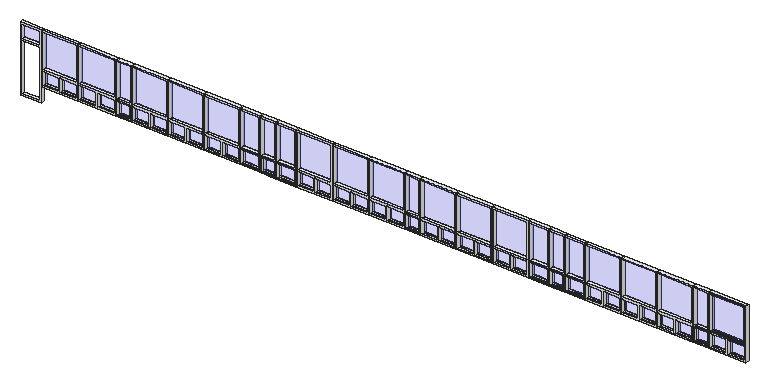
Revit family
Parameters
  창 두께 = 150 mm
  창 패널 = AW26 창 패널
  창 프레임 = AW26 창 프레임
  길이 4 = 길이 1 * 3  # 4500 mm
  길이 3 = 650 mm
  길이 2 = Height + 기본 씰 높이  # 2700 mm
  길이 1 = (Width - 10650 mm) / 13  # 1500 mm
  Height = 2100 mm
  절반 창 두께 = 창 두께 / 2  # 75 mm
  기본 씰 높이 = 600 mm
  Wall Closure = (empty or 0)
  Width = 30150 mm
Reference planes
  plane 1: y = 0
  plane 2 "왼쪽": x = -15075
  plane 3 "오른쪽": x = 15075
  plane 4 "씰": z = 600
  plane 5 "헤드": z = 2700
  plane 6 "외부": y = 100
  plane 7 "내부": y = -100
  plane 8: y = -75
  plane 9: y = 75
  plane 10: y = 66
  plane 11: y = 44
  plane 12: y = 35
  plane 13: x = 1550
  plane 14: z = 1200
  plane 15: z = 645
  plane 16: z = 1245
  plane 17: z = 1190
  plane 18: z = 655
  plane 19: z = 2655
  plane 20: z = 2100
  plane 21: z = 2055
Text (mm)
  text "외부" at (-1963.203, 1332.353, 0), in view "참조 레벨"
  text "내부" at (-1981.466, -818.386, 0), in view "참조 레벨"
  text "외부" at (0, 923.751, 2943.296), in view "오른쪽"
  text "외부" at (0, 1040.484, 2685.409), in view "왼쪽"
Dimensions and locks
  "Height": plane 4 "씰" to plane 5 "헤드"
  "기본 씰 높이": plane 4 "씰" to level
  locked: plane 6 "외부" to host wall at 0
  locked: plane 7 "내부" to host wall
  plane 9 to plane 10 to plane 11 to plane 12 = 9 mm locked, 22 mm locked, 9 mm locked
  locked: plane 4 "씰" to plane 14 at 600
  plane 4 "씰" to plane 15 to plane 18 = 45 mm locked, 10 mm locked
  plane 17 to plane 14 to plane 16 = 10 mm locked, 45 mm locked
  locked: plane 19 to plane 5 "헤드" at 45
  plane 21 to plane 20 to plane 5 "헤드" = 45 mm locked, 600 mm locked
  "절반 창 두께": plane 9 to host wall
  "절반 창 두께": host wall to plane 8
  "길이 4": nested 4 to nested 7
  locked: nested 6 to nested 15 at 2350
  "길이 4": nested 12 to nested 3
  locked: nested 20 to nested 12 at 2350
  locked: nested 23 to nested 22 at 2250
  plane 2 "왼쪽" to plane 13 to plane 3 "오른쪽" = 16625 mm, 13525 mm
  aligned and locked: plane 4 "씰" to nested 1  (x2)
  aligned and locked: plane 4 "씰" to nested 2  (x2)
  aligned and locked: nested 1 to nested 3
  aligned and locked: plane 4 "씰" to nested 3  (x2)
  aligned and locked: nested 1 to nested 4
  aligned and locked: nested 4 to nested 5
  aligned and locked: nested 5 to nested 6
  aligned and locked: nested 7 to nested 8
  aligned and locked: nested 8 to nested 9
  aligned and locked: nested 3 to nested 10
  aligned and locked: nested 10 to nested 11
  aligned and locked: nested 12 to nested 13
  aligned and locked: nested 13 to nested 14
  aligned and locked: nested 15 to nested 16
  aligned and locked: nested 16 to nested 17
  aligned and locked: nested 17 to nested 18
  aligned and locked: plane 4 "씰" to nested 19  (x2)
  aligned and locked: nested 19 to nested 18
  aligned and locked: nested 20 to nested 21
  aligned and locked: nested 21 to nested 22
  aligned and locked: nested 2 to nested 22
  aligned and locked: nested 24 to nested 23
  aligned and locked: plane 4 "씰" to nested 18
  aligned and locked: plane 4 "씰" to nested 17
  aligned and locked: plane 4 "씰" to nested 16
  aligned and locked: plane 4 "씰" to nested 15  (x2)
  aligned and locked: plane 4 "씰" to nested 9
  aligned and locked: plane 4 "씰" to nested 8
  aligned and locked: plane 4 "씰" to nested 7
  aligned and locked: plane 4 "씰" to nested 6
  aligned and locked: plane 4 "씰" to nested 5
  aligned and locked: plane 4 "씰" to nested 4
  aligned and locked: plane 4 "씰" to nested 10
  aligned and locked: plane 4 "씰" to nested 11
  aligned and locked: plane 4 "씰" to nested 12
  aligned and locked: plane 4 "씰" to nested 13
  aligned and locked: plane 4 "씰" to nested 14
  aligned and locked: plane 4 "씰" to nested 20
  aligned and locked: plane 4 "씰" to nested 21
  aligned and locked: plane 4 "씰" to nested 22
  aligned and locked: plane 4 "씰" to nested 23
  aligned and locked: nested 25 to nested 2
  aligned and locked: plane 4 "씰" to nested 25
Nested families
  nested 1: "창 고정 단위" at (1225, 0, 0), type "AW9_1_1"
  nested 2: "창 고정 단위" at (-10775, 0, 0), type "AW9_1"
  nested 3: "AW9 2" at (150, 0, 0), type "AW9"
  nested 4: "AW9 2" at (2300, 0, 0), type "AW9"
  nested 5: "AW9 2" at (3800, 0, 0), type "AW9"
  nested 6: "AW9 2" at (5300, 0, 0), type "AW9"
  nested 7: "창 고정 단위" at (6475, 0, 0), type "AW9_2"
  nested 8: "창 고정 단위" at (7225, 0, 0), type "AW9_1"
  nested 9: "창 고정 단위" at (7975, 0, 0), type "AW9_2"
  nested 10: "AW9 2" at (-1350, 0, 0), type "AW9"
  nested 11: "AW9 2" at (-2850, 0, 0), type "AW9"
  nested 12: "창 고정 단위" at (-4025, 0, 0), type "AW9_2"
  nested 13: "창 고정 단위" at (-4775, 0, 0), type "AW9_1"
  nested 14: "창 고정 단위" at (-5525, 0, 0), type "AW9_2"
  nested 15: "AW9 2" at (9150, 0, 0), type "AW9"
  nested 16: "AW9 2" at (10650, 0, 0), type "AW9"
  nested 17: "AW9 2" at (12150, 0, 0), type "AW9"
  nested 18: "창 고정 단위" at (13225, 0, 0), type "AW9_1"
  nested 19: "창 개구부 단위" at (14312.5, 0, 0), type "AW9"
  nested 20: "AW9 2" at (-6700, 0, 0), type "AW9"
  nested 21: "AW9 2" at (-8200, 0, 0), type "AW9"
  nested 22: "AW9 2" at (-9700, 0, 0), type "AW9"
  nested 23: "AW9 2" at (-13450, 0, 0), type "AW9"
  nested 24: "문 프레임" at (-14637.5, 0, 0), type "AW9-1"
  nested 25: "창 고정 단위 크게" at (-11900, 0, 0), type "AW9 2"
Definition of nested family "창 고정 단위"
  Parameters (values of type "AW9_1_1")
    창 두께 = 150 mm
    창 패널 = AW26 창 패널
    창 프레임 = AW26 창 프레임
    Height = 2100 mm
    절반 창 두께 = 창 두께 / 2  # 75 mm
    기본 씰 높이 = 600 mm
    Wall Closure = (empty or 0)
    Width = 650 mm
    Assembly Code = ""
  Types (4, lengths in mm): name | Width
    AW9_1_1 | 650
    AW9_3 | 800
    AW9_2 | 850
    AW9_1 | 650
  Reference planes
    plane 1: y = 0
    plane 2 "중심(왼쪽/오른쪽)": x = 0
    plane 3 "왼쪽": x = -325
    plane 4 "오른쪽": x = 325
    plane 5 "씰": z = 600
    plane 6 "헤드": z = 2700
    plane 7 "외부": y = 100
    plane 8 "내부": y = -100
    plane 9: y = 75
    plane 10: y = -75
    plane 11: y = 35
    plane 12: x = -280
    plane 13: x = 280
    plane 14: x = -270
    plane 15: x = 270
    plane 16: z = 1200
    plane 17: z = 1190
    plane 18: z = 1245
    plane 19: y = 55
    plane 20: y = 66
    plane 21: y = 44
    plane 22: y = -11
    plane 23: y = 11
    plane 24: x = -22.5
    plane 25: x = 22.5
    plane 26: x = -32.5
    plane 27: x = 32.5
    plane 28: z = 2655
    plane 29: z = 645
    plane 30: x = 230
    plane 31: z = 1150
    plane 32: x = -230
    plane 33: z = 685
    plane 34: x = 72.5
    plane 35: x = -72.5
    plane 36: x = 156.25
    plane 37: x = -156.25
    plane 38: z = 655
  Forms (mm)
    Extrusion 1, solid, material "AW26 창 프레임" <- "창 프레임"
      sketch origin (-2000, 75, 1000) x (-1, 0, 0) y (0, 0, 1)
        loop
          line (-2325, 1700) -> (-2325, -400) -> (-1675, -400) -> (-1675, 1700) -> (-2325, 1700)
        loop
          line (-2280, 1655) -> (-2280, 245) -> (-1720, 245) -> (-1720, 1655) -> (-2280, 1655)
        loop
          line (-2280, -355) -> (-1720, -355) -> (-1720, 200) -> (-2280, 200) -> (-2280, -355)
      from -150 to 0
    Extrusion 2, solid, material "AW26 창 패널" <- "창 패널"
      sketch origin (-2000, 75, 1000) x (-1, 0, 0) y (0, 0, 1)
        loop
          line (-2280, 1655) -> (-2280, 245) -> (-1720, 245) -> (-1720, 1655) -> (-2280, 1655)
        loop
          line (-2280, 200) -> (-2280, -355) -> (-1720, -355) -> (-1720, 200) -> (-2280, 200)
      from -31 to -9
    Extrusion 3, solid, material "AW26 창 프레임" <- "창 프레임"
      sketch origin (-2000, 75, 1000) x (-1, 0, 0) y (0, 0, 1)
        loop
          line (-2230, 150) -> (-2230, -315) -> (-1770, -315) -> (-1770, 150) -> (-2230, 150)
        loop
          line (-2280, 200) -> (-2280, -355) -> (-1720, -355) -> (-1720, 200) -> (-2280, 200)
      from -64 to 0
    Extrusion 4, solid, material "AW26 창 프레임" <- "창 프레임"
      sketch origin (-2000, 75, 1000) x (-1, 0, 0) y (0, 0, 1)
        loop
          line (-2280, 200) -> (-2280, -355) -> (-1720, -355) -> (-1720, 200) -> (-2280, 200)
        loop
          line (-2270, 190) -> (-2270, -345) -> (-1730, -345) -> (-1730, 190) -> (-2270, 190)
      from -64 to -150
  Lines and regions (mm)
    Opening 1
      outline origin (3500, -100, 0) x (1, 0, 0) y (0, 0, 1)
        loop
          line (-3175, 600) -> (-3175, 2700) -> (-3825, 2700) -> (-3825, 600) -> (-3175, 600)
    symbolic lines, style "입면도 스윙"
      curve 1: line (0, 75, 1200) -> (280, 75, 645)
      curve 2: line (0, 75, 1200) -> (-280, 75, 645)
    symbolic lines
      curve 3: line (-325, 75, 0) -> (325, 75, 0)
      curve 4: line (-280, 0, 0) -> (280, 0, 0)
      curve 5: line (-325, -75, 0) -> (325, -75, 0)
      curve 6: line (-280, 75, 0) -> (-280, -75, 0)
      curve 7: line (280, 75, 0) -> (280, -75, 0)
  Text (mm)
    text "외부" at (-1963.203, 1332.353, 0), in view "참조 레벨"
    text "내부" at (-1981.466, -818.386, 0), in view "참조 레벨"
    text "외부" at (0, 923.751, 2943.296), in view "오른쪽"
    text "외부" at (0, 1040.484, 2685.409), in view "왼쪽"
  Dimensions and locks
    equal spacing: plane 3 "왼쪽", plane 2 "중심(왼쪽/오른쪽)", plane 4 "오른쪽"
    "Width": plane 3 "왼쪽" to plane 4 "오른쪽"
    "Height": plane 5 "씰" to plane 6 "헤드"
    locked: plane 7 "외부" to host wall at 0
    locked: plane 8 "내부" to host wall
    plane 17 to plane 16 to plane 18 = 10 mm locked, 45 mm locked
    plane 9 to plane 19 to plane 11 = 20 mm locked, 20 mm locked
    plane 20 to plane 19 to plane 21 = 11 mm locked, 11 mm locked
    plane 23 to host wall to plane 22 = 11 mm locked, 11 mm locked
    plane 3 "왼쪽" to plane 12 to plane 14 = 45 mm locked, 10 mm locked
    plane 15 to plane 13 to plane 4 "오른쪽" = 10 mm locked, 45 mm locked
    plane 24 to plane 2 "중심(왼쪽/오른쪽)" to plane 25 = 22.5 mm locked, 22.5 mm locked
    locked: plane 26 to plane 24 at 10
    locked: plane 25 to plane 27 at 10
    locked: plane 5 "씰" to plane 16 at 600
    "절반 창 두께": plane 9 to plane 1
    "절반 창 두께": plane 10 to plane 1
    "기본 씰 높이": level to plane 5 "씰"
    locked: plane 28 to plane 6 "헤드" at 45
    locked: plane 5 "씰" to plane 29 at 45
    locked: plane 30 to plane 15 at 40
    locked: plane 31 to plane 17 at 40
    locked: plane 14 to plane 32 at 40
    locked: plane 29 to plane 33 at 40
    locked: plane 34 to plane 27 at 40
    locked: plane 26 to plane 35 at 40
    equal spacing: plane 27, plane 36, plane 13
    equal spacing: plane 26, plane 37, plane 12
    locked: plane 29 to plane 38 at 10
    aligned and locked: plane 6 "헤드" to Extrusion 1 sketch curve
    aligned and locked: plane 4 "오른쪽" to Extrusion 1 sketch curve
    aligned and locked: Extrusion 1 sketch curve to plane 5 "씰"
    aligned and locked: Extrusion 1 sketch curve to plane 3 "왼쪽"
    aligned and locked: Extrusion 1 sketch curve to plane 28
    aligned and locked: Extrusion 1 sketch curve to plane 12
    aligned and locked: plane 13 to Extrusion 1 sketch curve  (x3)
    aligned and locked: plane 18 to Extrusion 1 sketch curve
    aligned and locked: Extrusion 1 to plane 10
    aligned and locked: plane 9 to Extrusion 1
    aligned and locked: plane 12 to Extrusion 1 sketch curve  (x2)
    aligned and locked: Extrusion 1 sketch curve to plane 29
    aligned and locked: plane 13 to Extrusion 2 sketch curve  (x2)
    aligned and locked: Extrusion 2 sketch curve to plane 28
    aligned and locked: Extrusion 2 sketch curve to plane 12  (x2)
    aligned and locked: Extrusion 2 sketch curve to plane 18
    aligned and locked: plane 29 to Extrusion 2 sketch curve
    aligned and locked: Extrusion 2 to plane 21
    aligned and locked: plane 20 to Extrusion 2
    aligned and locked: plane 33 to Extrusion 3 sketch curve
    aligned and locked: Extrusion 3 sketch curve to plane 32
    aligned and locked: Extrusion 3 sketch curve to plane 31
    aligned and locked: Extrusion 3 sketch curve to plane 30
    aligned and locked: plane 16 to Extrusion 3 sketch curve
    aligned and locked: plane 13 to Extrusion 3 sketch curve
    aligned and locked: plane 29 to Extrusion 3 sketch curve
    aligned and locked: Extrusion 3 sketch curve to plane 12
    aligned and locked: plane 16 to Extrusion 1 sketch curve
    aligned and locked: plane 16 to Extrusion 2 sketch curve
    aligned and locked: Extrusion 3 to plane 23
    aligned and locked: plane 9 to Extrusion 3
    aligned and locked: plane 16 to Extrusion 4 sketch curve
    aligned and locked: plane 13 to Extrusion 4 sketch curve
    aligned and locked: plane 29 to Extrusion 4 sketch curve
    aligned and locked: Extrusion 4 sketch curve to plane 12
    aligned and locked: Extrusion 4 sketch curve to plane 14
    aligned and locked: plane 17 to Extrusion 4 sketch curve
    aligned and locked: plane 15 to Extrusion 4 sketch curve
    aligned and locked: plane 38 to Extrusion 4 sketch curve
    aligned and locked: Extrusion 4 to plane 23
    aligned and locked: Extrusion 4 to plane 10
    aligned and locked: plane 2 "중심(왼쪽/오른쪽)" to curve 1
    aligned and locked: plane 29 to curve 1
    aligned and locked: plane 13 to curve 1
    aligned and locked: plane 16 to curve 2
    aligned and locked: plane 29 to curve 2
    aligned and locked: plane 12 to curve 2
    aligned and locked: plane 9 to curve 6
    aligned and locked: plane 10 to curve 6
    aligned and locked: plane 12 to curve 6
    aligned and locked: plane 13 to curve 7
    aligned and locked: plane 4 "오른쪽" to curve 3
    aligned and locked: plane 3 "왼쪽" to curve 3
    aligned and locked: plane 3 "왼쪽" to curve 5
    aligned and locked: plane 12 to curve 4
    aligned and locked: plane 4 "오른쪽" to curve 5
    aligned and locked: plane 13 to curve 4
    aligned and locked: curve 3 to plane 9
    aligned and locked: curve 5 to plane 10
    aligned and locked: host wall to curve 4
  Automatic sketch dimensions
    Opening 1 sketch curve to plane 3 "왼쪽" = 0 mm
    Opening 1 sketch curve to plane 4 "오른쪽" = 0 mm
    Opening 1 sketch curve to plane 5 "씰" = 0 mm
    Opening 1 sketch curve to plane 6 "헤드" = 0 mm
Definition of nested family "AW9 2"
  Parameters (values of type "AW9")
    창 두께 = 150 mm
    창 패널 = AW26 창 패널
    창 프레임 = AW26 창 프레임
    Height = 2100 mm
    절반 창 두께 = 창 두께 / 2  # 75 mm
    기본 씰 높이 = 600 mm
    Wall Closure = (empty or 0)
    Width = 1500 mm
    Assembly Code = ""
  Types (3, lengths in mm): name | Width
    AW9 | 1500
    AW9 2 | 1600
    AW9 1 | 4500
  Reference planes
    plane 1: y = 0
    plane 2 "중심(왼쪽/오른쪽)": x = 0
    plane 3 "왼쪽": x = -750
    plane 4 "오른쪽": x = 750
    plane 5 "씰": z = 600
    plane 6 "헤드": z = 2700
    plane 7 "외부": y = 100
    plane 8 "내부": y = -100
    plane 9: y = 75
    plane 10: y = -75
    plane 11: y = 35
    plane 12: x = -705
    plane 13: x = 705
    plane 14: x = -695
    plane 15: x = 695
    plane 16: z = 1200
    plane 17: z = 1190
    plane 18: z = 1245
    plane 19: y = 55
    plane 20: y = 66
    plane 21: y = 44
    plane 22: y = -11
    plane 23: y = 11
    plane 24: x = -22.5
    plane 25: x = 22.5
    plane 26: x = -32.5
    plane 27: x = 32.5
    plane 28: z = 2655
    plane 29: z = 645
    plane 30: x = 655
    plane 31: z = 1150
    plane 32: x = -655
    plane 33: z = 685
    plane 34: x = 72.5
    plane 35: x = -72.5
    plane 36: x = 368.75
    plane 37: x = -368.75
  Forms (mm)
    Extrusion 1, solid, material "AW26 창 프레임" <- "창 프레임"
      sketch origin (-2000, 75, 1000) x (-1, 0, 0) y (0, 0, 1)
        loop
          line (-2750, 1700) -> (-2750, -400) -> (-1250, -400) -> (-1250, 1700) -> (-2750, 1700)
        loop
          line (-2705, 1655) -> (-2705, 245) -> (-1295, 245) -> (-1295, 1655) -> (-2705, 1655)
        loop
          line (-2705, -355) -> (-2032.5, -355) -> (-2032.5, 190) -> (-2705, 190) -> (-2705, -355)
        loop
          line (-1295, -355) -> (-1295, 190) -> (-1967.5, 190) -> (-1967.5, -355) -> (-1295, -355)
      from -150 to 0
    Extrusion 2, solid, material "AW26 창 프레임" <- "창 프레임"
      sketch origin (-2000, 75, 1000) x (-1, 0, 0) y (0, 0, 1)
        loop
          line (-2705, 190) -> (-2705, -355) -> (-2032.5, -355) -> (-2032.5, 190) -> (-2705, 190)
        loop
          line (-1967.5, 190) -> (-1967.5, -355) -> (-1295, -355) -> (-1295, 190) -> (-1967.5, 190)
        loop
          line (-2655, 150) -> (-2655, -315) -> (-2072.5, -315) -> (-2072.5, 150) -> (-2655, 150)
        loop
          line (-1927.5, 150) -> (-1927.5, -315) -> (-1345, -315) -> (-1345, 150) -> (-1927.5, 150)
      from -40 to 0
    Extrusion 3, solid, material "AW26 창 패널" <- "창 패널"
      sketch origin (-2000, 75, 1000) x (-1, 0, 0) y (0, 0, 1)
        loop
          line (-2705, 1655) -> (-2705, 245) -> (-1295, 245) -> (-1295, 1655) -> (-2705, 1655)
        loop
          line (-2655, 150) -> (-2655, -315) -> (-2072.5, -315) -> (-2072.5, 150) -> (-2655, 150)
        loop
          line (-1927.5, 150) -> (-1927.5, -315) -> (-1345, -315) -> (-1345, 150) -> (-1927.5, 150)
      from -31 to -9
  Lines and regions (mm)
    Opening 1
      outline origin (3500, -100, 0) x (1, 0, 0) y (0, 0, 1)
        loop
          line (-2750, 600) -> (-2750, 2700) -> (-4250, 2700) -> (-4250, 600) -> (-2750, 600)
    symbolic lines, style "입면도 스윙"
      curve 1: line (368.75, 75, 1190) -> (705, 75, 645)
      curve 2: line (368.75, 75, 1190) -> (32.5, 75, 645)
      curve 3: line (-32.5, 75, 645) -> (-368.75, 75, 1190)
      curve 4: line (-368.75, 75, 1190) -> (-705, 75, 645)
    symbolic lines
      curve 5: line (-750, 75, 0) -> (750, 75, 0)
      curve 6: line (-705, 0, 0) -> (705, 0, 0)
      curve 7: line (-750, -75, 0) -> (750, -75, 0)
      curve 8: line (-705, 75, 0) -> (-705, -75, 0)
      curve 9: line (705, 75, 0) -> (705, -75, 0)
  Text (mm)
    text "외부" at (-1963.203, 1332.353, 0), in view "참조 레벨"
    text "내부" at (-1981.466, -818.386, 0), in view "참조 레벨"
    text "외부" at (0, 923.751, 2943.296), in view "오른쪽"
    text "외부" at (0, 1040.484, 2685.409), in view "왼쪽"
  Dimensions and locks
    equal spacing: plane 3 "왼쪽", plane 2 "중심(왼쪽/오른쪽)", plane 4 "오른쪽"
    "Width": plane 3 "왼쪽" to plane 4 "오른쪽"
    "Height": plane 5 "씰" to plane 6 "헤드"
    locked: plane 7 "외부" to host wall at 0
    locked: plane 8 "내부" to host wall
    plane 17 to plane 16 to plane 18 = 10 mm locked, 45 mm locked
    plane 9 to plane 19 to plane 11 = 20 mm locked, 20 mm locked
    plane 20 to plane 19 to plane 21 = 11 mm locked, 11 mm locked
    plane 23 to host wall to plane 22 = 11 mm locked, 11 mm locked
    plane 3 "왼쪽" to plane 12 to plane 14 = 45 mm locked, 10 mm locked
    plane 15 to plane 13 to plane 4 "오른쪽" = 10 mm locked, 45 mm locked
    plane 24 to plane 2 "중심(왼쪽/오른쪽)" to plane 25 = 22.5 mm locked, 22.5 mm locked
    locked: plane 26 to plane 24 at 10
    locked: plane 25 to plane 27 at 10
    locked: plane 5 "씰" to plane 16 at 600
    "절반 창 두께": plane 9 to plane 1
    "절반 창 두께": plane 10 to plane 1
    "기본 씰 높이": level to plane 5 "씰"
    locked: plane 28 to plane 6 "헤드" at 45
    locked: plane 5 "씰" to plane 29 at 45
    locked: plane 30 to plane 15 at 40
    locked: plane 31 to plane 17 at 40
    locked: plane 14 to plane 32 at 40
    locked: plane 29 to plane 33 at 40
    locked: plane 34 to plane 27 at 40
    locked: plane 26 to plane 35 at 40
    equal spacing: plane 27, plane 36, plane 13
    equal spacing: plane 26, plane 37, plane 12
    aligned and locked: plane 6 "헤드" to Extrusion 1 sketch curve
    aligned and locked: plane 4 "오른쪽" to Extrusion 1 sketch curve
    aligned and locked: Extrusion 1 sketch curve to plane 5 "씰"
    aligned and locked: Extrusion 1 sketch curve to plane 3 "왼쪽"
    aligned and locked: Extrusion 1 sketch curve to plane 28
    aligned and locked: plane 13 to Extrusion 1 sketch curve  (x2)
    aligned and locked: plane 29 to Extrusion 1 sketch curve  (x2)
    aligned and locked: Extrusion 1 sketch curve to plane 12
    aligned and locked: plane 18 to Extrusion 1 sketch curve
    aligned and locked: plane 12 to Extrusion 1 sketch curve
    aligned and locked: plane 17 to Extrusion 1 sketch curve  (x2)
    aligned and locked: plane 27 to Extrusion 1 sketch curve
    aligned and locked: plane 26 to Extrusion 1 sketch curve
    aligned and locked: Extrusion 1 to plane 10
    aligned and locked: plane 9 to Extrusion 1
    aligned and locked: plane 17 to Extrusion 2 sketch curve  (x2)
    aligned and locked: plane 13 to Extrusion 2 sketch curve
    aligned and locked: plane 29 to Extrusion 2 sketch curve  (x2)
    aligned and locked: plane 27 to Extrusion 2 sketch curve
    aligned and locked: Extrusion 2 sketch curve to plane 31  (x2)
    aligned and locked: Extrusion 2 sketch curve to plane 30
    aligned and locked: plane 33 to Extrusion 2 sketch curve  (x2)
    aligned and locked: Extrusion 2 sketch curve to plane 34
    aligned and locked: Extrusion 2 sketch curve to plane 26
    aligned and locked: Extrusion 2 sketch curve to plane 12
    aligned and locked: Extrusion 2 sketch curve to plane 35
    aligned and locked: Extrusion 2 sketch curve to plane 32
    aligned and locked: Extrusion 2 to plane 9
    aligned and locked: Extrusion 2 to plane 11
    aligned and locked: Extrusion 3 sketch curve to plane 28
    aligned and locked: plane 13 to Extrusion 3 sketch curve
    aligned and locked: Extrusion 3 sketch curve to plane 18
    aligned and locked: Extrusion 3 sketch curve to plane 12
    aligned and locked: Extrusion 3 sketch curve to plane 31  (x2)
    aligned and locked: Extrusion 3 sketch curve to plane 30
    aligned and locked: plane 33 to Extrusion 3 sketch curve  (x2)
    aligned and locked: Extrusion 3 sketch curve to plane 34
    aligned and locked: Extrusion 3 sketch curve to plane 35
    aligned and locked: Extrusion 3 sketch curve to plane 32
    aligned and locked: Extrusion 3 to plane 21
    aligned and locked: plane 20 to Extrusion 3
    aligned and locked: plane 36 to curve 1
    aligned and locked: plane 29 to curve 1
    aligned and locked: plane 13 to curve 1
    aligned and locked: plane 17 to curve 2
    aligned and locked: plane 27 to curve 2
    aligned and locked: plane 29 to curve 2
    aligned and locked: plane 17 to curve 3
    aligned and locked: plane 37 to curve 3
    aligned and locked: plane 29 to curve 3
    aligned and locked: plane 26 to curve 3
    aligned and locked: plane 29 to curve 4
    aligned and locked: plane 12 to curve 4
    aligned and locked: plane 3 "왼쪽" to curve 5
    aligned and locked: plane 3 "왼쪽" to curve 7
    aligned and locked: plane 12 to curve 6
    aligned and locked: plane 4 "오른쪽" to curve 5
    aligned and locked: plane 4 "오른쪽" to curve 7
    aligned and locked: plane 13 to curve 6
    aligned and locked: plane 13 to curve 9
    aligned and locked: plane 9 to curve 8
    aligned and locked: plane 10 to curve 8
    aligned and locked: plane 12 to curve 8
    aligned and locked: curve 5 to plane 9
    aligned and locked: curve 7 to plane 10
    aligned and locked: host wall to curve 6
  Automatic sketch dimensions
    Opening 1 sketch curve to plane 3 "왼쪽" = 0 mm
    Opening 1 sketch curve to plane 4 "오른쪽" = 0 mm
    Opening 1 sketch curve to plane 5 "씰" = 0 mm
    Opening 1 sketch curve to plane 6 "헤드" = 0 mm
    Extrusion 1 sketch curve to plane 17 = 0 mm
    Extrusion 1 sketch curve to plane 29 = 0 mm
Definition of nested family "창 개구부 단위"
  Parameters (values of type "AW9")
    창 두께 = 150 mm
    창 패널 = AW26 창 패널
    창 프레임 = AW26 창 프레임
    Height = 2100 mm
    절반 창 두께 = 창 두께 / 2  # 75 mm
    기본 씰 높이 = 600 mm
    Wall Closure = (empty or 0)
    Width = 1525 mm
    Assembly Code = ""
  Reference planes
    plane 1: y = 0
    plane 2 "중심(왼쪽/오른쪽)": x = 0
    plane 3 "왼쪽": x = -762.5
    plane 4 "오른쪽": x = 762.5
    plane 5 "씰": z = 600
    plane 6 "헤드": z = 2700
    plane 7 "외부": y = 100
    plane 8 "내부": y = -100
    plane 9: y = 75
    plane 10: y = -75
    plane 11: y = 35
    plane 12: x = -717.5
    plane 13: x = 717.5
    plane 14: x = -707.5
    plane 15: x = 707.5
    plane 16: z = 1200
    plane 17: z = 1190
    plane 18: z = 1245
    plane 19: y = 55
    plane 20: y = 66
    plane 21: y = 44
    plane 22: y = -11
    plane 23: y = 11
    plane 24: x = -22.5
    plane 25: x = 22.5
    plane 26: x = -32.5
    plane 27: x = 32.5
    plane 28: z = 2655
    plane 29: z = 645
    plane 30: x = 667.5
    plane 31: z = 1150
    plane 32: x = -667.5
    plane 33: z = 685
    plane 34: x = 72.5
    plane 35: x = -72.5
    plane 36: x = 375
    plane 37: x = -375
    plane 38: z = 2615
    plane 39: z = 1285
    plane 40: x = -677.5
    plane 41: x = 677.5
    plane 42: z = 2645
    plane 43: z = 1255
    plane 44: z = 1950
  Forms (mm)
    Extrusion 1, solid, material "AW26 창 프레임" <- "창 프레임"
      sketch origin (-2000, 75, 1000) x (-1, 0, 0) y (0, 0, 1)
        loop
          line (-2762.5, 1700) -> (-2762.5, -400) -> (-1237.5, -400) -> (-1237.5, 1700) -> (-2762.5, 1700)
        loop
          line (-2717.5, 1655) -> (-2717.5, 245) -> (-1282.5, 245) -> (-1282.5, 1655) -> (-2717.5, 1655)
        loop
          line (-2717.5, -355) -> (-2032.5, -355) -> (-2032.5, 190) -> (-2717.5, 190) -> (-2717.5, -355)
        loop
          line (-1282.5, -355) -> (-1282.5, 190) -> (-1967.5, 190) -> (-1967.5, -355) -> (-1282.5, -355)
      from -150 to 0
    Extrusion 2, solid, material "AW26 창 프레임" <- "창 프레임"
      sketch origin (-2000, 75, 1000) x (-1, 0, 0) y (0, 0, 1)
        loop
          line (-2717.5, 190) -> (-2717.5, -355) -> (-2032.5, -355) -> (-2032.5, 190) -> (-2717.5, 190)
        loop
          line (-1967.5, 190) -> (-1967.5, -355) -> (-1282.5, -355) -> (-1282.5, 190) -> (-1967.5, 190)
        loop
          line (-2667.5, 150) -> (-2667.5, -315) -> (-2072.5, -315) -> (-2072.5, 150) -> (-2667.5, 150)
        loop
          line (-1927.5, 150) -> (-1927.5, -315) -> (-1332.5, -315) -> (-1332.5, 150) -> (-1927.5, 150)
      from -40 to 0
    Extrusion 3, solid, material "AW26 창 패널" <- "창 패널"
      sketch origin (-2000, 75, 1000) x (-1, 0, 0) y (0, 0, 1)
        loop
          line (-2717.5, 1655) -> (-2717.5, 245) -> (-1282.5, 245) -> (-1282.5, 1655) -> (-2717.5, 1655)
        loop
          line (-2667.5, 150) -> (-2667.5, -315) -> (-2072.5, -315) -> (-2072.5, 150) -> (-2667.5, 150)
        loop
          line (-1927.5, 150) -> (-1927.5, -315) -> (-1332.5, -315) -> (-1332.5, 150) -> (-1927.5, 150)
      from -31 to -9
    Extrusion 4, solid, material "AW26 창 프레임" <- "창 프레임"
      sketch origin (-2000, 75, 1000) x (-1, 0, 0) y (0, 0, 1)
        loop
          line (-2717.5, 1655) -> (-2717.5, 245) -> (-1282.5, 245) -> (-1282.5, 1655) -> (-2717.5, 1655)
        loop
          line (-2677.5, 1615) -> (-2677.5, 285) -> (-1322.5, 285) -> (-1322.5, 1615) -> (-2677.5, 1615)
      from -64 to -9
    Extrusion 5, solid, material "AW26 창 프레임" <- "창 프레임"
      sketch origin (-2000, 75, 1000) x (-1, 0, 0) y (0, 0, 1)
        loop
          line (-2717.5, 1655) -> (-2717.5, 245) -> (-1282.5, 245) -> (-1282.5, 1655) -> (-2717.5, 1655)
        loop
          line (-2707.5, 1645) -> (-2707.5, 255) -> (-1292.5, 255) -> (-1292.5, 1645) -> (-2707.5, 1645)
      from -40 to -150
  Lines and regions (mm)
    Opening 1
      outline origin (3500, -100, 0) x (1, 0, 0) y (0, 0, 1)
        loop
          line (-2737.5, 600) -> (-2737.5, 2700) -> (-4262.5, 2700) -> (-4262.5, 600) -> (-2737.5, 600)
    symbolic lines, style "입면도 스윙"
      curve 1: line (375, 75, 1190) -> (717.5, 75, 645)
      curve 2: line (375, 75, 1190) -> (32.5, 75, 645)
      curve 3: line (-32.5, 75, 645) -> (-375, 75, 1190)
      curve 4: line (-375, 75, 1190) -> (-717.5, 75, 645)
      curve 5: line (717.5, 75, 2655) -> (-717.5, 75, 1950)
      curve 6: line (-717.5, 75, 1950) -> (717.5, 75, 1245)
    symbolic lines
      curve 7: line (-762.5, 75, 0) -> (762.5, 75, 0)
      curve 8: line (-717.5, 0, 0) -> (717.5, 0, 0)
      curve 9: line (-762.5, -75, 0) -> (762.5, -75, 0)
      curve 10: line (-717.5, 75, 0) -> (-717.5, -75, 0)
      curve 11: line (717.5, 75, 0) -> (717.5, -75, 0)
  Text (mm)
    text "외부" at (-1963.203, 1332.353, 0), in view "참조 레벨"
    text "내부" at (-1981.466, -818.386, 0), in view "참조 레벨"
    text "외부" at (0, 923.751, 2943.296), in view "오른쪽"
    text "외부" at (0, 1040.484, 2685.409), in view "왼쪽"
  Dimensions and locks
    equal spacing: plane 3 "왼쪽", plane 2 "중심(왼쪽/오른쪽)", plane 4 "오른쪽"
    "Width": plane 3 "왼쪽" to plane 4 "오른쪽"
    "Height": plane 5 "씰" to plane 6 "헤드"
    locked: plane 7 "외부" to host wall at 0
    locked: plane 8 "내부" to host wall
    plane 17 to plane 16 to plane 18 = 10 mm locked, 45 mm locked
    plane 9 to plane 19 to plane 11 = 20 mm locked, 20 mm locked
    plane 20 to plane 19 to plane 21 = 11 mm locked, 11 mm locked
    plane 23 to host wall to plane 22 = 11 mm locked, 11 mm locked
    plane 3 "왼쪽" to plane 12 to plane 14 = 45 mm locked, 10 mm locked
    plane 15 to plane 13 to plane 4 "오른쪽" = 10 mm locked, 45 mm locked
    plane 24 to plane 2 "중심(왼쪽/오른쪽)" to plane 25 = 22.5 mm locked, 22.5 mm locked
    locked: plane 26 to plane 24 at 10
    locked: plane 25 to plane 27 at 10
    locked: plane 5 "씰" to plane 16 at 600
    "절반 창 두께": plane 9 to plane 1
    "절반 창 두께": plane 10 to plane 1
    "기본 씰 높이": level to plane 5 "씰"
    locked: plane 28 to plane 6 "헤드" at 45
    locked: plane 5 "씰" to plane 29 at 45
    locked: plane 30 to plane 15 at 40
    locked: plane 31 to plane 17 at 40
    locked: plane 14 to plane 32 at 40
    locked: plane 29 to plane 33 at 40
    locked: plane 34 to plane 27 at 40
    locked: plane 26 to plane 35 at 40
    equal spacing: plane 27, plane 36, plane 13
    equal spacing: plane 26, plane 37, plane 12
    locked: plane 38 to plane 28 at 40
    locked: plane 18 to plane 39 at 40
    locked: plane 41 to plane 13 at 40
    locked: plane 12 to plane 40 at 40
    locked: plane 42 to plane 28 at 10
    locked: plane 18 to plane 43 at 10
    equal spacing: plane 18, plane 44, plane 28
    aligned and locked: plane 6 "헤드" to Extrusion 1 sketch curve
    aligned and locked: plane 4 "오른쪽" to Extrusion 1 sketch curve
    aligned and locked: Extrusion 1 sketch curve to plane 5 "씰"
    aligned and locked: Extrusion 1 sketch curve to plane 3 "왼쪽"
    aligned and locked: Extrusion 1 sketch curve to plane 28
    aligned and locked: plane 13 to Extrusion 1 sketch curve  (x2)
    aligned and locked: plane 29 to Extrusion 1 sketch curve  (x2)
    aligned and locked: Extrusion 1 sketch curve to plane 12
    aligned and locked: plane 18 to Extrusion 1 sketch curve
    aligned and locked: plane 12 to Extrusion 1 sketch curve
    aligned and locked: plane 17 to Extrusion 1 sketch curve  (x2)
    aligned and locked: plane 27 to Extrusion 1 sketch curve
    aligned and locked: plane 26 to Extrusion 1 sketch curve
    aligned and locked: Extrusion 1 to plane 10
    aligned and locked: plane 9 to Extrusion 1
    aligned and locked: plane 17 to Extrusion 2 sketch curve  (x2)
    aligned and locked: plane 13 to Extrusion 2 sketch curve
    aligned and locked: plane 29 to Extrusion 2 sketch curve  (x2)
    aligned and locked: plane 27 to Extrusion 2 sketch curve
    aligned and locked: Extrusion 2 sketch curve to plane 31  (x2)
    aligned and locked: Extrusion 2 sketch curve to plane 30
    aligned and locked: plane 33 to Extrusion 2 sketch curve  (x2)
    aligned and locked: Extrusion 2 sketch curve to plane 34
    aligned and locked: Extrusion 2 sketch curve to plane 26
    aligned and locked: Extrusion 2 sketch curve to plane 12
    aligned and locked: Extrusion 2 sketch curve to plane 35
    aligned and locked: Extrusion 2 sketch curve to plane 32
    aligned and locked: Extrusion 2 to plane 9
    aligned and locked: Extrusion 2 to plane 11
    aligned and locked: Extrusion 3 sketch curve to plane 28
    aligned and locked: plane 13 to Extrusion 3 sketch curve
    aligned and locked: Extrusion 3 sketch curve to plane 18
    aligned and locked: Extrusion 3 sketch curve to plane 12
    aligned and locked: Extrusion 3 sketch curve to plane 31  (x2)
    aligned and locked: Extrusion 3 sketch curve to plane 30
    aligned and locked: plane 33 to Extrusion 3 sketch curve  (x2)
    aligned and locked: Extrusion 3 sketch curve to plane 34
    aligned and locked: Extrusion 3 sketch curve to plane 35
    aligned and locked: Extrusion 3 sketch curve to plane 32
    aligned and locked: Extrusion 3 to plane 21
    aligned and locked: plane 20 to Extrusion 3
    aligned and locked: plane 36 to curve 1
    aligned and locked: plane 29 to curve 1
    aligned and locked: plane 13 to curve 1
    aligned and locked: plane 17 to curve 2
    aligned and locked: plane 27 to curve 2
    aligned and locked: plane 29 to curve 2
    aligned and locked: plane 17 to curve 3
    aligned and locked: plane 37 to curve 3
    aligned and locked: plane 29 to curve 3
    aligned and locked: plane 26 to curve 3
    aligned and locked: plane 29 to curve 4
    aligned and locked: plane 12 to curve 4
    aligned and locked: Extrusion 4 sketch curve to plane 28
    aligned and locked: plane 13 to Extrusion 4 sketch curve
    aligned and locked: Extrusion 4 sketch curve to plane 18
    aligned and locked: Extrusion 4 sketch curve to plane 12
    aligned and locked: Extrusion 4 sketch curve to plane 38
    aligned and locked: Extrusion 4 sketch curve to plane 41
    aligned and locked: plane 39 to Extrusion 4 sketch curve
    aligned and locked: Extrusion 4 sketch curve to plane 40
    aligned and locked: Extrusion 4 to plane 23
    aligned and locked: plane 20 to Extrusion 4
    aligned and locked: Extrusion 5 sketch curve to plane 28
    aligned and locked: plane 13 to Extrusion 5 sketch curve
    aligned and locked: Extrusion 5 sketch curve to plane 18
    aligned and locked: Extrusion 5 sketch curve to plane 12
    aligned and locked: Extrusion 5 sketch curve to plane 42
    aligned and locked: plane 15 to Extrusion 5 sketch curve
    aligned and locked: plane 43 to Extrusion 5 sketch curve
    aligned and locked: Extrusion 5 sketch curve to plane 14
    aligned and locked: Extrusion 5 to plane 11
    aligned and locked: Extrusion 5 to plane 10
    aligned and locked: plane 13 to curve 5
    aligned and locked: plane 28 to curve 5
    aligned and locked: plane 18 to curve 6
    aligned and locked: plane 13 to curve 6
    aligned and locked: plane 12 to curve 6
    aligned and locked: plane 44 to curve 6
    aligned and locked: plane 9 to curve 10
    aligned and locked: plane 10 to curve 10
    aligned and locked: plane 12 to curve 10
    aligned and locked: plane 13 to curve 11
    aligned and locked: plane 4 "오른쪽" to curve 7
    aligned and locked: plane 4 "오른쪽" to curve 9
    aligned and locked: plane 13 to curve 8
    aligned and locked: plane 3 "왼쪽" to curve 7
    aligned and locked: plane 3 "왼쪽" to curve 9
    aligned and locked: plane 12 to curve 8
    aligned and locked: curve 7 to plane 9
    aligned and locked: curve 9 to plane 10
    aligned and locked: host wall to curve 8
  Automatic sketch dimensions
    Opening 1 sketch curve to plane 3 "왼쪽" = 0 mm
    Opening 1 sketch curve to plane 4 "오른쪽" = 0 mm
    Opening 1 sketch curve to plane 5 "씰" = 0 mm
    Opening 1 sketch curve to plane 6 "헤드" = 0 mm
    Extrusion 1 sketch curve to plane 17 = 0 mm
    Extrusion 1 sketch curve to plane 29 = 0 mm
Definition of nested family "문 프레임"
  Parameters (values of type "AW9-1")
    창 두께 = 150 mm
    창 패널 = AW26 창 패널
    창 프레임 = AW26 창 프레임
    Height = 2700 mm
    절반 창 두께 = 창 두께 / 2  # 75 mm
    기본 씰 높이 = 0 mm
    Wall Closure = (empty or 0)
    Width = 875 mm
    Assembly Code = ""
  Reference planes
    plane 1: y = 0
    plane 2 "중심(왼쪽/오른쪽)": x = 0
    plane 3 "왼쪽": x = -437.5
    plane 4 "오른쪽": x = 437.5
    plane 5 "씰": z = 0
    plane 6 "헤드": z = 2700
    plane 7 "외부": y = 100
    plane 8 "내부": y = -100
    plane 9: y = 75
    plane 10: y = -75
    plane 11: y = 35
    plane 12: x = -392.5
    plane 13: x = 392.5
    plane 14: x = -382.5
    plane 15: x = 382.5
    plane 16: z = 2055
    plane 17: z = 2045
    plane 18: z = 2100
    plane 19: y = 55
    plane 20: y = 66
    plane 21: y = 44
    plane 22: y = -11
    plane 23: y = 11
    plane 24: x = -22.5
    plane 25: x = 22.5
    plane 26: x = -32.5
    plane 27: x = 32.5
    plane 28: z = 2655
    plane 29: z = 45
    plane 30: x = 342.5
    plane 31: z = 2005
    plane 32: x = -342.5
    plane 33: z = 85
    plane 34: x = 72.5
    plane 35: x = -72.5
  Forms (mm)
    Extrusion 1, solid, material "AW26 창 프레임" <- "창 프레임"
      sketch origin (-2000, 75, 1000) x (-1, 0, 0) y (0, 0, 1)
        loop
          line (-2437.5, 1700) -> (-2437.5, -1000) -> (-1562.5, -1000) -> (-1562.5, 1700) -> (-2437.5, 1700)
        loop
          line (-2392.5, 1655) -> (-2392.5, 1100) -> (-1607.5, 1100) -> (-1607.5, 1655) -> (-2392.5, 1655)
        loop
          line (-2392.5, -955) -> (-1607.5, -955) -> (-1607.5, 1055) -> (-2392.5, 1055) -> (-2392.5, -955)
      from -150 to 0
    Extrusion 2, solid, material "AW26 창 패널" <- "창 패널"
      sketch origin (-2000, 75, 1000) x (-1, 0, 0) y (0, 0, 1)
        loop
          line (-2392.5, 1655) -> (-2392.5, 1100) -> (-1607.5, 1100) -> (-1607.5, 1655) -> (-2392.5, 1655)
      from -40 to -9
  Lines and regions (mm)
    Opening 1
      outline origin (3500, -100, 0) x (1, 0, 0) y (0, 0, 1)
        loop
          line (-3062.5, 0) -> (-3062.5, 2700) -> (-3937.5, 2700) -> (-3937.5, 0) -> (-3062.5, 0)
    symbolic lines
      curve 1: line (-437.5, 75, 0) -> (437.5, 75, 0)
      curve 2: line (-437.5, -75, 0) -> (437.5, -75, 0)
      curve 3: line (-437.5, 75, 0) -> (-437.5, -75, 0)
      curve 4: line (437.5, 75, 0) -> (437.5, -75, 0)
  Text (mm)
    text "외부" at (-1963.203, 1332.353, 0), in view "참조 레벨"
    text "내부" at (-1981.466, -818.386, 0), in view "참조 레벨"
    text "외부" at (0, 923.751, 2943.296), in view "오른쪽"
    text "외부" at (0, 1040.484, 2685.409), in view "왼쪽"
  Dimensions and locks
    equal spacing: plane 3 "왼쪽", plane 2 "중심(왼쪽/오른쪽)", plane 4 "오른쪽"
    "Width": plane 3 "왼쪽" to plane 4 "오른쪽"
    "Height": plane 5 "씰" to plane 6 "헤드"
    locked: plane 7 "외부" to host wall at 0
    locked: plane 8 "내부" to host wall
    plane 17 to plane 16 to plane 18 = 10 mm locked, 45 mm locked
    plane 9 to plane 19 to plane 11 = 20 mm locked, 20 mm locked
    plane 20 to plane 19 to plane 21 = 11 mm locked, 11 mm locked
    plane 23 to host wall to plane 22 = 11 mm locked, 11 mm locked
    plane 3 "왼쪽" to plane 12 to plane 14 = 45 mm locked, 10 mm locked
    plane 15 to plane 13 to plane 4 "오른쪽" = 10 mm locked, 45 mm locked
    plane 24 to plane 2 "중심(왼쪽/오른쪽)" to plane 25 = 22.5 mm locked, 22.5 mm locked
    locked: plane 26 to plane 24 at 10
    locked: plane 25 to plane 27 at 10
    "절반 창 두께": plane 9 to plane 1
    "절반 창 두께": plane 10 to plane 1
    "기본 씰 높이": level to plane 5 "씰"
    locked: plane 28 to plane 6 "헤드" at 45
    locked: plane 5 "씰" to plane 29 at 45
    locked: plane 30 to plane 15 at 40
    locked: plane 31 to plane 17 at 40
    locked: plane 14 to plane 32 at 40
    locked: plane 29 to plane 33 at 40
    locked: plane 34 to plane 27 at 40
    locked: plane 26 to plane 35 at 40
    plane 18 to plane 6 "헤드" = 600 mm
    aligned and locked: plane 6 "헤드" to Extrusion 1 sketch curve
    aligned and locked: plane 4 "오른쪽" to Extrusion 1 sketch curve
    aligned and locked: Extrusion 1 sketch curve to plane 5 "씰"
    aligned and locked: Extrusion 1 sketch curve to plane 3 "왼쪽"
    aligned and locked: Extrusion 1 sketch curve to plane 28
    aligned and locked: plane 13 to Extrusion 1 sketch curve  (x3)
    aligned and locked: Extrusion 1 sketch curve to plane 12
    aligned and locked: plane 18 to Extrusion 1 sketch curve
    aligned and locked: Extrusion 1 to plane 10
    aligned and locked: plane 9 to Extrusion 1
    aligned and locked: plane 12 to Extrusion 1 sketch curve  (x2)
    aligned and locked: Extrusion 1 sketch curve to plane 29
    aligned and locked: plane 16 to Extrusion 1 sketch curve
    aligned and locked: Extrusion 2 sketch curve to plane 28
    aligned and locked: plane 13 to Extrusion 2 sketch curve
    aligned and locked: Extrusion 2 sketch curve to plane 18
    aligned and locked: Extrusion 2 sketch curve to plane 12
    aligned and locked: Extrusion 2 to plane 11
    aligned and locked: plane 20 to Extrusion 2
    aligned and locked: plane 9 to curve 3
    aligned and locked: plane 3 "왼쪽" to curve 3
    aligned and locked: plane 9 to curve 4
    aligned and locked: plane 10 to curve 4
    aligned and locked: plane 4 "오른쪽" to curve 4
    aligned and locked: plane 4 "오른쪽" to curve 2
    aligned and locked: plane 3 "왼쪽" to curve 2
    aligned and locked: curve 2 to plane 10
  Automatic sketch dimensions
    Opening 1 sketch curve to plane 3 "왼쪽" = 0 mm
    Opening 1 sketch curve to plane 4 "오른쪽" = 0 mm
    Opening 1 sketch curve to plane 5 "씰" = 0 mm
    Opening 1 sketch curve to plane 6 "헤드" = 0 mm
Definition of nested family "창 고정 단위 크게"
  Parameters (values of type "AW9 2")
    창 두께 = 150 mm
    창 패널 = AW26 창 패널
    창 프레임 = AW26 창 프레임
    Height = 2100 mm
    절반 창 두께 = 창 두께 / 2  # 75 mm
    기본 씰 높이 = 600 mm
    Wall Closure = (empty or 0)
    Width = 1600 mm
    Assembly Code = ""
  Reference planes
    plane 1: y = 0
    plane 2 "중심(왼쪽/오른쪽)": x = 0
    plane 3 "왼쪽": x = -800
    plane 4 "오른쪽": x = 800
    plane 5 "씰": z = 600
    plane 6 "헤드": z = 2700
    plane 7 "외부": y = 100
    plane 8 "내부": y = -100
    plane 9: y = 75
    plane 10: y = -75
    plane 11: y = 35
    plane 12: x = -755
    plane 13: x = 755
    plane 14: x = -745
    plane 15: x = 745
    plane 16: z = 1200
    plane 17: z = 1190
    plane 18: z = 1245
    plane 19: y = 55
    plane 20: y = 66
    plane 21: y = 44
    plane 22: y = -11
    plane 23: y = 11
    plane 24: x = -22.5
    plane 25: x = 22.5
    plane 26: x = -32.5
    plane 27: x = 32.5
    plane 28: z = 2655
    plane 29: z = 645
    plane 30: x = 705
    plane 31: z = 1150
    plane 32: x = -705
    plane 33: z = 685
    plane 34: x = 72.5
    plane 35: x = -72.5
    plane 36: x = 393.75
    plane 37: x = -393.75
  Forms (mm)
    Extrusion 1, solid, material "AW26 창 프레임" <- "창 프레임"
      sketch origin (-2000, 75, 1000) x (-1, 0, 0) y (0, 0, 1)
        loop
          line (-2800, 1700) -> (-2800, -400) -> (-1200, -400) -> (-1200, 1700) -> (-2800, 1700)
        loop
          line (-2755, 1655) -> (-2755, 245) -> (-1245, 245) -> (-1245, 1655) -> (-2755, 1655)
        loop
          line (-2755, -355) -> (-2032.5, -355) -> (-2032.5, 190) -> (-2755, 190) -> (-2755, -355)
        loop
          line (-1245, -355) -> (-1245, 190) -> (-1967.5, 190) -> (-1967.5, -355) -> (-1245, -355)
      from -150 to 0
    Extrusion 2, solid, material "AW26 창 프레임" <- "창 프레임"
      sketch origin (-2000, 75, 1000) x (-1, 0, 0) y (0, 0, 1)
        loop
          line (-2755, 190) -> (-2755, -355) -> (-2032.5, -355) -> (-2032.5, 190) -> (-2755, 190)
        loop
          line (-1967.5, 190) -> (-1967.5, -355) -> (-1245, -355) -> (-1245, 190) -> (-1967.5, 190)
        loop
          line (-2705, 150) -> (-2705, -315) -> (-2072.5, -315) -> (-2072.5, 150) -> (-2705, 150)
        loop
          line (-1927.5, 150) -> (-1927.5, -315) -> (-1295, -315) -> (-1295, 150) -> (-1927.5, 150)
      from -40 to 0
    Extrusion 3, solid, material "AW26 창 패널" <- "창 패널"
      sketch origin (-2000, 75, 1000) x (-1, 0, 0) y (0, 0, 1)
        loop
          line (-2755, 1655) -> (-2755, 245) -> (-1245, 245) -> (-1245, 1655) -> (-2755, 1655)
        loop
          line (-2705, 150) -> (-2705, -315) -> (-2072.5, -315) -> (-2072.5, 150) -> (-2705, 150)
        loop
          line (-1927.5, 150) -> (-1927.5, -315) -> (-1295, -315) -> (-1295, 150) -> (-1927.5, 150)
      from -31 to -9
  Lines and regions (mm)
    Opening 1
      outline origin (3500, -100, 0) x (1, 0, 0) y (0, 0, 1)
        loop
          line (-2700, 600) -> (-2700, 2700) -> (-4300, 2700) -> (-4300, 600) -> (-2700, 600)
    symbolic lines, style "입면도 스윙"
      curve 1: line (393.75, 75, 1190) -> (755, 75, 645)
      curve 2: line (393.75, 75, 1190) -> (32.5, 75, 645)
      curve 3: line (-32.5, 75, 645) -> (-393.75, 75, 1190)
      curve 4: line (-393.75, 75, 1190) -> (-755, 75, 645)
    symbolic lines
      curve 5: line (-800, 75, 0) -> (800, 75, 0)
      curve 6: line (-755, 0, 0) -> (755, 0, 0)
      curve 7: line (-800, -75, 0) -> (800, -75, 0)
      curve 8: line (-755, 75, 0) -> (-755, -75, 0)
      curve 9: line (755, 75, 0) -> (755, -75, 0)
  Text (mm)
    text "외부" at (-1963.203, 1332.353, 0), in view "참조 레벨"
    text "내부" at (-1981.466, -818.386, 0), in view "참조 레벨"
    text "외부" at (0, 923.751, 2943.296), in view "오른쪽"
    text "외부" at (0, 1040.484, 2685.409), in view "왼쪽"
  Dimensions and locks
    equal spacing: plane 3 "왼쪽", plane 2 "중심(왼쪽/오른쪽)", plane 4 "오른쪽"
    "Width": plane 3 "왼쪽" to plane 4 "오른쪽"
    "Height": plane 5 "씰" to plane 6 "헤드"
    locked: plane 7 "외부" to host wall at 0
    locked: plane 8 "내부" to host wall
    plane 17 to plane 16 to plane 18 = 10 mm locked, 45 mm locked
    plane 9 to plane 19 to plane 11 = 20 mm locked, 20 mm locked
    plane 20 to plane 19 to plane 21 = 11 mm locked, 11 mm locked
    plane 23 to host wall to plane 22 = 11 mm locked, 11 mm locked
    plane 3 "왼쪽" to plane 12 to plane 14 = 45 mm locked, 10 mm locked
    plane 15 to plane 13 to plane 4 "오른쪽" = 10 mm locked, 45 mm locked
    plane 24 to plane 2 "중심(왼쪽/오른쪽)" to plane 25 = 22.5 mm locked, 22.5 mm locked
    locked: plane 26 to plane 24 at 10
    locked: plane 25 to plane 27 at 10
    locked: plane 5 "씰" to plane 16 at 600
    "절반 창 두께": plane 9 to plane 1
    "절반 창 두께": plane 10 to plane 1
    "기본 씰 높이": level to plane 5 "씰"
    locked: plane 28 to plane 6 "헤드" at 45
    locked: plane 5 "씰" to plane 29 at 45
    locked: plane 30 to plane 15 at 40
    locked: plane 31 to plane 17 at 40
    locked: plane 14 to plane 32 at 40
    locked: plane 29 to plane 33 at 40
    locked: plane 34 to plane 27 at 40
    locked: plane 26 to plane 35 at 40
    equal spacing: plane 27, plane 36, plane 13
    equal spacing: plane 26, plane 37, plane 12
    aligned and locked: plane 6 "헤드" to Extrusion 1 sketch curve
    aligned and locked: plane 4 "오른쪽" to Extrusion 1 sketch curve
    aligned and locked: Extrusion 1 sketch curve to plane 5 "씰"
    aligned and locked: Extrusion 1 sketch curve to plane 3 "왼쪽"
    aligned and locked: Extrusion 1 sketch curve to plane 28
    aligned and locked: plane 13 to Extrusion 1 sketch curve  (x2)
    aligned and locked: plane 29 to Extrusion 1 sketch curve  (x2)
    aligned and locked: Extrusion 1 sketch curve to plane 12
    aligned and locked: plane 18 to Extrusion 1 sketch curve
    aligned and locked: plane 12 to Extrusion 1 sketch curve
    aligned and locked: plane 17 to Extrusion 1 sketch curve  (x2)
    aligned and locked: plane 27 to Extrusion 1 sketch curve
    aligned and locked: plane 26 to Extrusion 1 sketch curve
    aligned and locked: Extrusion 1 to plane 10
    aligned and locked: plane 9 to Extrusion 1
    aligned and locked: plane 17 to Extrusion 2 sketch curve  (x2)
    aligned and locked: plane 13 to Extrusion 2 sketch curve
    aligned and locked: plane 29 to Extrusion 2 sketch curve  (x2)
    aligned and locked: plane 27 to Extrusion 2 sketch curve
    aligned and locked: Extrusion 2 sketch curve to plane 31  (x2)
    aligned and locked: Extrusion 2 sketch curve to plane 30
    aligned and locked: plane 33 to Extrusion 2 sketch curve  (x2)
    aligned and locked: Extrusion 2 sketch curve to plane 34
    aligned and locked: Extrusion 2 sketch curve to plane 26
    aligned and locked: Extrusion 2 sketch curve to plane 12
    aligned and locked: Extrusion 2 sketch curve to plane 35
    aligned and locked: Extrusion 2 sketch curve to plane 32
    aligned and locked: Extrusion 2 to plane 9
    aligned and locked: Extrusion 2 to plane 11
    aligned and locked: Extrusion 3 sketch curve to plane 28
    aligned and locked: plane 13 to Extrusion 3 sketch curve
    aligned and locked: Extrusion 3 sketch curve to plane 18
    aligned and locked: Extrusion 3 sketch curve to plane 12
    aligned and locked: Extrusion 3 sketch curve to plane 31  (x2)
    aligned and locked: Extrusion 3 sketch curve to plane 30
    aligned and locked: plane 33 to Extrusion 3 sketch curve  (x2)
    aligned and locked: Extrusion 3 sketch curve to plane 34
    aligned and locked: Extrusion 3 sketch curve to plane 35
    aligned and locked: Extrusion 3 sketch curve to plane 32
    aligned and locked: Extrusion 3 to plane 21
    aligned and locked: plane 20 to Extrusion 3
    aligned and locked: plane 36 to curve 1
    aligned and locked: plane 29 to curve 1
    aligned and locked: plane 13 to curve 1
    aligned and locked: plane 17 to curve 2
    aligned and locked: plane 27 to curve 2
    aligned and locked: plane 29 to curve 2
    aligned and locked: plane 17 to curve 3
    aligned and locked: plane 37 to curve 3
    aligned and locked: plane 29 to curve 3
    aligned and locked: plane 26 to curve 3
    aligned and locked: plane 29 to curve 4
    aligned and locked: plane 12 to curve 4
    aligned and locked: plane 9 to curve 8
    aligned and locked: plane 10 to curve 8
    aligned and locked: plane 12 to curve 8
    aligned and locked: plane 13 to curve 9
    aligned and locked: plane 4 "오른쪽" to curve 5
    aligned and locked: plane 4 "오른쪽" to curve 7
    aligned and locked: plane 13 to curve 6
    aligned and locked: plane 3 "왼쪽" to curve 5
    aligned and locked: plane 12 to curve 6
    aligned and locked: plane 3 "왼쪽" to curve 7
    aligned and locked: curve 5 to plane 9
    aligned and locked: curve 7 to plane 10
    aligned and locked: host wall to curve 6
  Automatic sketch dimensions
    Opening 1 sketch curve to plane 3 "왼쪽" = 0 mm
    Opening 1 sketch curve to plane 4 "오른쪽" = 0 mm
    Opening 1 sketch curve to plane 5 "씰" = 0 mm
    Opening 1 sketch curve to plane 6 "헤드" = 0 mm
    Extrusion 1 sketch curve to plane 17 = 0 mm
    Extrusion 1 sketch curve to plane 29 = 0 mm
